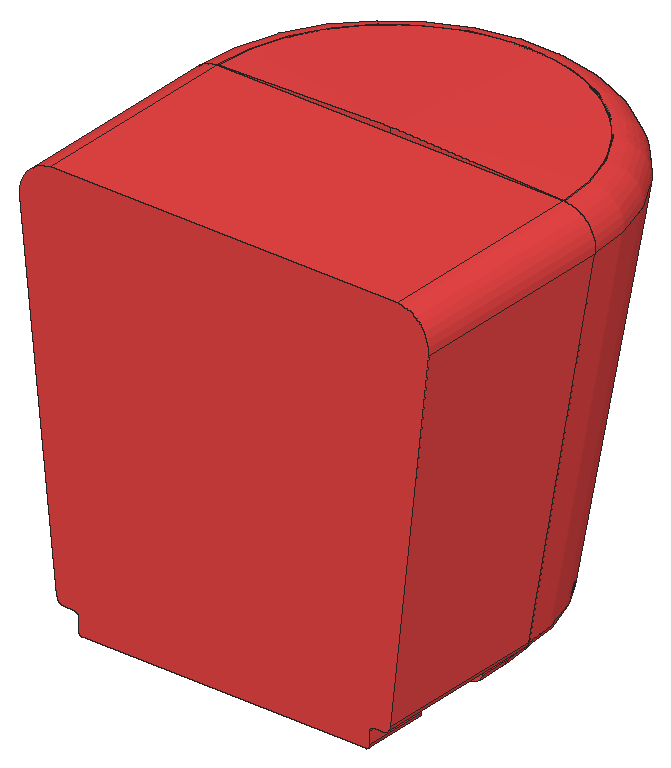
Revit family "Modullaro ML 02", category Furniture, host Face, Revit 2018
Family settings
  Host = Face
  OmniClass Number = 23.40.10.11.14
  OmniClass Title = Exterior Seating
  Cut with Voids When Loaded = No
  Shared = No
  Room Calculation Point = No
Parameters (values of type "Modullaro ML 02")
  Width = 495 mm  # constant formula
  Weight (approximately) = 8.00 kg  # constant formula
  URL = "https://astrini-design.pl/en/"
  Operating temperature = "-40°C to 80°C, ( -40°F to 176°F )"  # constant formula
  Material information = "Colour choice from RAL colour standard. Customer may inquire about specific request regarding individual order."
  Material [instance] = ASTRINI DESIGN_Polyester-Glass Laminate
  Manufacturer = "Astrini Design"  # constant formula
  Type Image = ML-2.jpg
  Model = "Modullaro ML 02"  # constant formula
  Type Comments = "Bench"  # constant formula
  Length = 495 mm  # constant formula
  IfcExportAs = "IfcFurnishingElement"  # constant formula
  Height = 500 mm  # constant formula
  Default Elevation = 1219.2 mm
Reference planes
  plane 1 "Środek (Przód/Tył)": y = 0
  plane 2: z = 0
  plane 3 "Środek (Lewa/Prawa)": x = 0
  plane 4: y = 247.5
  plane 5: y = -247.5
Forms (mm)
  Extrusion 1, solid, material "ASTRINI DESIGN_Polyester-Glass Laminate" <- "Material", detail levels fine
    sketch origin (0, 0, 0) x (1, 0, 0) y (0, 0, 1)
      loop
        line (-245.577, 448.862) -> (-200.96, 33.931)
        arc (-200.96, 33.931) -> (-197.7, 27.561) -> (-191.018, 25) r 10
        line (-191.018, 25) -> (-180, 25)
        arc (-180, 25) -> (-176.464, 23.536) -> (-175, 20) r 5
        line (-175, 20) -> (-175, 5)
        arc (-175, 5) -> (-173.536, 1.464) -> (-170, 0) r 5
        line (-170, 0) -> (170, 0)
        arc (170, 0) -> (173.536, 1.464) -> (175, 5) r 5
        line (175, 5) -> (175, 20)
        arc (175, 20) -> (176.464, 23.536) -> (180, 25) r 5
        line (180, 25) -> (191.018, 25)
        arc (191.018, 25) -> (197.7, 27.561) -> (200.96, 33.931) r 10
        line (200.96, 33.931) -> (245.577, 448.862)
        arc (245.577, 448.862) -> (236.429, 478.862) -> (208.448, 493.03) r 39.979
        arc (208.448, 493.03) -> (0, 499.871) -> (-208.448, 493.03) r 3179.203
        arc (-208.448, 493.03) -> (-236.429, 478.862) -> (-245.577, 448.862) r 39.979
    from -274.426 to 0.367
  Extrusion 2, void
    sketch origin (0, 0, 0) x (1, 0, 0) y (0, 1, 0)
      loop
        arc (-162.837, 160.971) -> (-175.305, 169.952) -> (-180, 184.582) r 24.57
        line (-180, 184.582) -> (-295, 184.582) -> (-295, 59.628) -> (-179.954, 59.628)
        arc (-179.954, 59.628) -> (-175.694, 75.055) -> (-162.837, 84.587) r 24.571
        arc (-162.837, 84.587) -> (-134.857, 122.779) -> (-162.837, 160.971) r 40.055
      loop
        arc (162.837, 160.971) -> (134.857, 122.779) -> (162.837, 84.587) r 40.055
        arc (162.837, 84.587) -> (175.694, 75.055) -> (179.954, 59.628) r 24.571
        line (179.954, 59.628) -> (295, 59.628) -> (295, 184.582) -> (180, 184.582)
        arc (180, 184.582) -> (175.305, 169.952) -> (162.837, 160.971) r 24.57
    from -30 to 24.5
  Extrusion 3, void
    sketch origin (0, 0, 0) x (0, 1, 0) y (0, 0, 1)
      loop
        line (193.102, -86.539) -> (320.602, -86.539) -> (320.602, 593.461) -> (250.128, 593.461) -> (250.128, 453.843) -> (193.102, -86.539)
    from -358.033 to 360.745
  Extrusion 4, void
    sketch origin (0, 440, 0) x (0, 1, 0) y (0, 0, 1)
      loop
        line (-246.898, -86.539) -> (-442.372, 453.843) -> (-442.372, 593.461) -> (-468.3, 593.461) -> (-468.3, -86.539) -> (-246.898, -86.539)
    from -358.033 to 360.745
  Sweep 5, solid, material "ASTRINI DESIGN_Polyester-Glass Laminate" <- "Material", detail levels medium+fine
    path origin (-0.221, 252.016, 0) x (1, 0, 0) y (0, 1, 0)
      loop
        line (245.577, -112.515) -> (245.577, -2.414)
        arc (245.577, -2.414) -> (0, 243.163) -> (-245.577, -2.414) r 245.577
        line (-245.577, -2.414) -> (-245.577, -112.515)
    profile origin (-245.797, 249.603, 0) x (1, 0, 0) y (0, 0, 1)
      loop
        line (0, 448.862) -> (37.129, 448.862) -> (37.129, 493.03)
        arc (37.129, 493.03) -> (9.147, 478.862) -> (0, 448.862) r 39.979
  Revolve 6, solid, material "ASTRINI DESIGN_Polyester-Glass Laminate" <- "Material", detail levels medium+fine
    sketch origin (0, 250.128, 0) x (1, 0, 0) y (0, 0, 1)
      loop
        line (0, 499.871) -> (0, 458.03) -> (208.406, 458.03) -> (208.406, 493.033)
        arc (208.406, 493.033) -> (104.259, 498.161) -> (0, 499.871) r 3179.203
      axis (0, 458.03) -> (0, 499.871)
    angle from 0 to 180
  Blend 7, solid, material "ASTRINI DESIGN_Polyester-Glass Laminate" <- "Material", detail levels fine
    base sketch origin (0, 0, 0) x (1, 0, 0) y (0, 1, 0)
      loop
        arc (200.96, 205.815) -> (0.001, 406.774) -> (-200.958, 205.815) r 200.959
        line (-200.958, 205.815) -> (200.96, 205.815)
    top sketch origin (0, 0, 0) x (1, 0, 0) y (0, 1, 0)
      loop
        arc (245.577, 249.603) -> (0, 495.179) -> (-245.577, 249.603) r 245.577
        line (-245.577, 249.603) -> (245.577, 249.603)
    from 33.931 to 448.862
  Sweep 8, solid, material "ASTRINI DESIGN_Polyester-Glass Laminate" <- "Material", detail levels fine
    path origin (0, 0, 0) x (1, 0, 0) y (0, 1, 0)
      loop
        line (-200.958, 150.815) -> (-200.958, 205.815)
        arc (-200.958, 205.815) -> (0.001, 406.774) -> (200.96, 205.815) r 200.959
        line (200.96, 205.815) -> (200.96, 140.815)
    profile origin (-200.958, 205.815, 0) x (-1, 0, 0) y (0, 0, 1)
      loop
        line (0.002, 33.931) -> (-30.958, 33.931) -> (-30.958, 0)
        arc (-30.958, 0) -> (-27.423, 1.464) -> (-25.958, 5) r 5
        line (-25.958, 5) -> (-25.958, 20)
        arc (-25.958, 20) -> (-24.494, 23.536) -> (-20.958, 25) r 5
        line (-20.958, 25) -> (-9.94, 25)
        arc (-9.94, 25) -> (-3.258, 27.561) -> (0.002, 33.931) r 10
  Extrusion 9, solid, material "ASTRINI DESIGN_Polyester-Glass Laminate" <- "Material", detail levels fine
    sketch origin (0, 0, 0) x (1, 0, 0) y (0, 1, 0)
      loop
        line (-169.962, 202.234) -> (169.965, 202.234)
        arc (169.965, 202.234) -> (0.001, 375.816) -> (-169.962, 202.234) r 170.001
    from 0 to 25
  Extrusion 10, solid, material "ASTRINI DESIGN_Polyester-Glass Laminate" <- "Material", detail levels medium
    sketch origin (0, 0, 0) x (1, 0, 0) y (0, 0, 1)
      loop
        line (-245.577, 448.862) -> (-197.312, 0) -> (197.312, 0) -> (245.577, 448.862)
        arc (245.577, 448.862) -> (236.429, 478.862) -> (208.448, 493.03) r 39.979
        arc (208.448, 493.03) -> (0, 499.871) -> (-208.448, 493.03) r 3179.203
        arc (-208.448, 493.03) -> (-236.429, 478.862) -> (-245.577, 448.862) r 39.979
    from -282.625 to 0.367
  Blend 11, solid, material "ASTRINI DESIGN_Polyester-Glass Laminate" <- "Material", detail levels medium
    base sketch origin (0, 0, 0) x (1, 0, 0) y (0, 1, 0)
      loop
        arc (197.312, 202.234) -> (0, 399.546) -> (-197.312, 202.234) r 197.312
        line (-197.312, 202.234) -> (197.312, 202.234)
    top sketch origin (0, 0, 0) x (1, 0, 0) y (0, 1, 0)
      loop
        arc (245.577, 249.603) -> (0, 495.179) -> (-245.577, 249.603) r 245.577
        line (-245.577, 249.603) -> (245.577, 249.603)
    from 0 to 448.862
  Extrusion 12, solid, material "ASTRINI DESIGN_Polyester-Glass Laminate" <- "Material", detail levels coarse
    sketch origin (0, 0, 0) x (1, 0, 0) y (0, 0, 1)
      loop
        line (-245.577, 448.862) -> (-197.312, 0) -> (197.312, 0) -> (245.577, 448.862)
        arc (245.577, 448.862) -> (236.429, 478.862) -> (208.448, 493.03) r 39.979
        arc (208.448, 493.03) -> (0, 499.871) -> (-208.448, 493.03) r 3179.203
        arc (-208.448, 493.03) -> (-236.429, 478.862) -> (-245.577, 448.862) r 39.979
    from -493.056 to 0.367
  Extrusion 13, void
    sketch origin (0, 500.256, 0) x (0, -1, 0) y (0, 0, -1)
      loop
        line (307.154, 86.539) -> (250.128, -453.843) -> (250.128, -593.461) -> (404.654, -593.461) -> (404.654, 86.539) -> (307.154, 86.539)
    from -358.033 to 360.745
Cuts and joins
  Extrusion 2, Extrusion 3 cuts Extrusion 1
  Extrusion 13 cuts Extrusion 9
  joined: Extrusion 1, Extrusion 9
  Extrusion 4, Extrusion 13 cuts Sweep 5
  Extrusion 4, Extrusion 13 cuts Sweep 8
  Extrusion 3 cuts Extrusion 10
  Extrusion 13 cuts Revolve 6
  Extrusion 13 cuts Blend 11
Lines and regions (mm)
  symbolic lines
    curve 1: line (-245.806, -0.367, 0) -> (-245.577, 249.603, 0)
    curve 2: line (245.806, -0.367, 0) -> (-245.806, -0.367, 0)
    curve 3: line (245.577, 249.603, 0) -> (245.806, -0.367, 0)
  symbolic lines, style "Furniture"
    curve 4: arc (245.577, 249.603, 0) -> (0, 495.179, 0) -> (-245.577, 249.603, 0) r 245.577
Dimensions and locks
  aligned and locked: plane 2 to host face
  aligned and locked: level to host face
